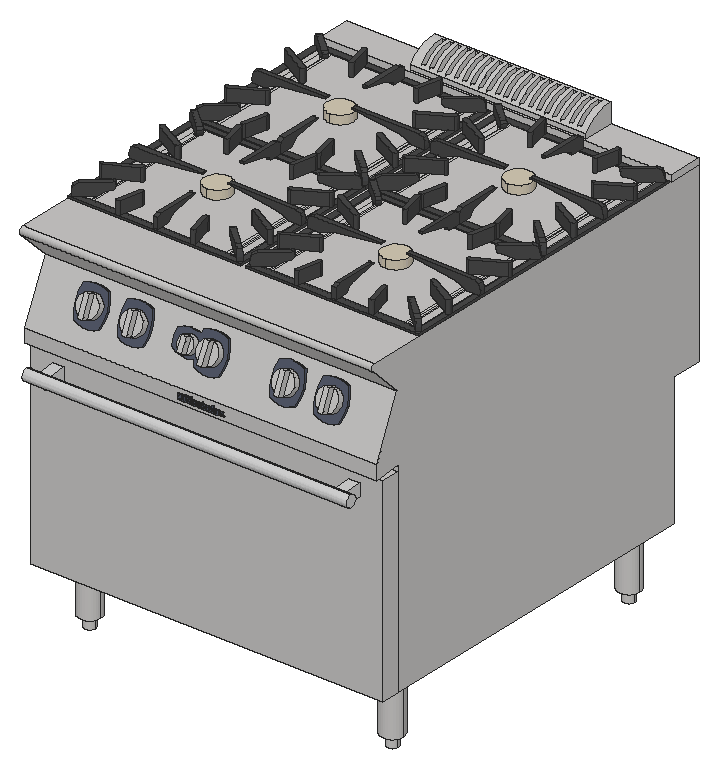
Revit family "QF_ELECTROLUXPROFESSIONAL_391576_E9AAMTBBMEI", category Attrezzature speciali, Revit 2018
Family settings
  Quota connettore circolare = Usa diametro
  Tipo di parte = Normale
  Basato su piano di lavoro = No
  Sempre verticale = Sì
  Taglio con vuoti quando caricato = No
  Condiviso = No
  Punto di calcolo locali = No
Parameters (values of type "Standard")
  Weight = 115.00 kg
  Watts = 0 W
  Volts = 0 V
  URL Manufacturer = "https://www.electroluxprofessional.com/"
  URL = "https://www.electroluxprofessional.com/"
  Steam Supply Size = 0"
  Steam Supply Minimum Pressure = 0.00 psi
  Steam Supply Maximum Pressure = 0.00 psi
  Steam Consumption per Hour = 0
  Show Logo [instance] = yes
  Show Clearance [instance] = yes
  Refrigeration Suction Line Size = 0 mm
  Refrigeration Liquid Line Size = 0 mm
  Refrigerant Compressor Remote = yes
  Phase = 0
  Modello = "E9AAMTBBMEI"
  Produttore = "Electrolux Professional"
  Length Actual = 800 mm  # constant formula
  Item Number = "391576"
  Hot Water Size = 0"
  Height Actual = 850 mm  # constant formula
  HP = "0 HP"
  Gas Size = 1/2"
  Gas KW = 36.5
  Gas Input Pressure = 1.13485 Btu/h
  Direct Waste Size = 0"
  Descrizione = "4-BURNER GAS RANGE+OVEN 800MM - QMARK"
  Depth Actual = 930 mm  # constant formula
  Cycle = 0 Hz
  Condensate Return Size = 0"
  Compressed Air Volume = 0 GPM
  Compressed Air Size = 0"
  Compressed Air Pressure = 0.00 psi
  Cold Water Size = 0"
  Accessory = yes
Values of the unnamed type that differ from the named types
  Weight = 0.00 kg
  URL Manufacturer = ""
  Item Number = ""
  HP = ""
  Gas KW = 0
  Gas Input Pressure = 0.0 Btu/h
Reference planes
  plane 1 "BACK": y = 0
  plane 2: z = 0
  plane 3 "LEFT": x = 0
  plane 4 "RIGHT": x = 800.1
  plane 5 "FRONT": y = -930.275
  plane 6 "TOP": z = 908.05
  plane 7 "Center Y": x = 400.05
  plane 8 "Center X": y = -465.137
  plane 9: z = 149.225
  plane 10: z = 1397
  plane 11: y = -80.962
  plane 12: z = 850
  plane 13: y = -128
  plane 14: y = -801.687
  plane 15: y = -576
  plane 16: y = -665
  plane 17: y = -1309
  plane 18: x = 744.1
  plane 19: x = 56
Forms (mm)
  Extrusion 1, solid, material "QF_Finishes_Stainless Steel"
    sketch origin (0, 0, 0) x (0, 1, 0) y (0, 0, 1)
      loop
        line (0, 449.262) -> (0, 850) -> (-922.302, 850)
        arc (-922.302, 850) -> (-930.275, 844.673) -> (-928.404, 835.268) r 8.63
        line (-928.404, 835.268) -> (-859.069, 765.933) -> (-916.765, 640.576) -> (-916.765, 609.279) -> (-856.641, 613.975)
        arc (-856.641, 613.975) -> (-854.117, 613.227) -> (-853.025, 610.831) r 3.175
        line (-853.025, 610.831) -> (-853.025, 149.225) -> (-71.438, 149.225) -> (-71.437, 449.263) -> (0, 449.262)
    from 0 to 800.1
  Revolve 2, solid, material "QF_Finishes_Stainless Steel"
    sketch origin (0, -801.687, 611.731) x (0, 0, -1) y (1, 0, 0)
      loop
        line (462.506, 55.562) -> (462.506, 30.162) -> (586.331, 30.162) -> (586.331, 42.862) -> (611.731, 42.862) -> (611.731, 55.562) -> (462.506, 55.562)
      axis (611.731, 55.562) -> (462.506, 55.562)
    angle from 0 to 360
  Revolve 3, solid, material "QF_Finishes_Stainless Steel"
    sketch origin (800.1, -801.687, 611.731) x (0, 0, -1) y (1, 0, 0)
      loop
        line (462.506, -55.562) -> (611.731, -55.562) -> (611.731, -42.862) -> (586.331, -42.862) -> (586.331, -30.162) -> (462.506, -30.162) -> (462.506, -55.562)
      axis (611.731, -55.562) -> (462.506, -55.562)
    angle from 0 to 360
  Revolve 4, solid, material "QF_Finishes_Stainless Steel"
    sketch origin (800.1, -128.588, 611.731) x (0, 0, -1) y (1, 0, 0)
      loop
        line (462.506, -55.562) -> (611.731, -55.562) -> (611.731, -42.862) -> (586.331, -42.862) -> (586.331, -30.162) -> (462.506, -30.162) -> (462.506, -55.562)
      axis (611.731, -55.562) -> (462.506, -55.562)
    angle from 0 to 360
  Revolve 5, solid, material "QF_Finishes_Stainless Steel"
    sketch origin (111.125, -128.588, 611.731) x (0, 0, -1) y (1, 0, 0)
      loop
        line (462.506, -55.562) -> (611.731, -55.562) -> (611.731, -42.862) -> (586.331, -42.862) -> (586.331, -30.162) -> (462.506, -30.162) -> (462.506, -55.562)
      axis (611.731, -55.562) -> (462.506, -55.562)
    angle from 0 to 360
  Extrusion 6, solid, material "QF_Finishes_Stainless Steel"
    sketch origin (0, 0, 0) x (0, 1, 0) y (0, 0, 1)
      loop
        line (0, 850) -> (0, 864.288) -> (-76.2, 864.288) -> (-76.2, 850) -> (0, 850)
    from 0 to 800.1
  Extrusion 7, void
    sketch origin (-65.011, 0, 865.138) x (-1, 0, 0) y (0, -1, 0)
      loop
        line (-295.005, 6.761) -> (-285.709, 6.761) -> (-285.709, 63.911) -> (-295.005, 63.911) -> (-295.005, 6.761)
      loop
        line (-313.697, 6.761) -> (-304.401, 6.761) -> (-304.401, 63.911) -> (-313.697, 63.911) -> (-313.697, 6.761)
      loop
        line (-332.39, 6.761) -> (-323.094, 6.761) -> (-323.094, 63.911) -> (-332.39, 63.911) -> (-332.39, 6.761)
      loop
        line (-351.082, 6.761) -> (-341.787, 6.761) -> (-341.787, 63.911) -> (-351.082, 63.911) -> (-351.082, 6.761)
      loop
        line (-369.775, 6.761) -> (-360.479, 6.761) -> (-360.479, 63.911) -> (-369.775, 63.911) -> (-369.775, 6.761)
      loop
        line (-388.468, 6.761) -> (-379.172, 6.761) -> (-379.172, 63.911) -> (-388.468, 63.911) -> (-388.468, 6.761)
      loop
        line (-407.16, 6.761) -> (-397.864, 6.761) -> (-397.864, 63.911) -> (-407.16, 63.911) -> (-407.16, 6.761)
      loop
        line (-425.853, 6.761) -> (-416.557, 6.761) -> (-416.557, 63.911) -> (-425.853, 63.911) -> (-425.853, 6.761)
      loop
        line (-444.545, 6.761) -> (-435.25, 6.761) -> (-435.25, 63.911) -> (-444.545, 63.911) -> (-444.545, 6.761)
      loop
        line (-463.238, 6.761) -> (-453.942, 6.761) -> (-453.942, 63.911) -> (-463.238, 63.911) -> (-463.238, 6.761)
      loop
        line (-481.931, 6.761) -> (-472.635, 6.761) -> (-472.635, 63.911) -> (-481.931, 63.911) -> (-481.931, 6.761)
      loop
        line (-500.623, 6.761) -> (-491.328, 6.761) -> (-491.328, 63.911) -> (-500.623, 63.911) -> (-500.623, 6.761)
      loop
        line (-519.316, 6.761) -> (-510.02, 6.761) -> (-510.02, 63.911) -> (-519.316, 63.911) -> (-519.316, 6.761)
      loop
        line (-538.008, 6.761) -> (-528.713, 6.761) -> (-528.713, 63.911) -> (-538.008, 63.911) -> (-538.008, 6.761)
      loop
        line (-556.701, 6.761) -> (-547.405, 6.761) -> (-547.405, 63.911) -> (-556.701, 63.911) -> (-556.701, 6.761)
      loop
        line (-575.394, 6.761) -> (-566.098, 6.761) -> (-566.098, 63.911) -> (-575.394, 63.911) -> (-575.394, 6.761)
      loop
        line (-594.086, 6.761) -> (-584.791, 6.761) -> (-584.791, 63.911) -> (-594.086, 63.911) -> (-594.086, 6.761)
      loop
        line (-612.779, 6.761) -> (-603.483, 6.761) -> (-603.483, 63.911) -> (-612.779, 63.911) -> (-612.779, 6.761)
      loop
        line (-631.472, 6.761) -> (-622.176, 6.761) -> (-622.176, 63.911) -> (-631.472, 63.911) -> (-631.472, 6.761)
      loop
        line (-650.164, 6.761) -> (-640.868, 6.761) -> (-640.868, 63.911) -> (-650.164, 63.911) -> (-650.164, 6.761)
    from 9.525 to 45.348
  Extrusion 8, solid, material "QF_Finishes_Stainless Steel"
    sketch origin (400.05, 175.397, 1219.2) x (0, 1, 0) y (0, 0, 1)
      loop
        line (-175.397, -354.912) -> (-175.397, -311.2)
        arc (-175.397, -311.2) -> (-214.469, -319.821) -> (-245.247, -345.387) r 84.854
        line (-245.247, -345.387) -> (-245.247, -354.912) -> (-175.397, -354.912)
    from -200.05 to 199.95
  Extrusion 9, solid, material "QF_Finishes_Navy Blue"
    sketch origin (0, -890.928, 697.612) x (0, -0.418102, -0.9084) y (1, 0, 0)
      loop
        arc (-53.776, 198.214) -> (-18.194, 190.589) -> (17.514, 197.596) r 90.5
        arc (17.514, 197.596) -> (24.34, 226.784) -> (17.514, 255.972) r 65.817
        arc (17.514, 255.972) -> (-18.193, 262.932) -> (-53.776, 255.359) r 91.066
        arc (-53.776, 255.359) -> (-60.332, 226.786) -> (-53.776, 198.214) r 65.546
      loop
        arc (-53.776, 98.214) -> (-18.194, 90.589) -> (17.514, 97.596) r 90.5
        arc (17.514, 97.596) -> (24.34, 126.784) -> (17.514, 155.972) r 65.817
        arc (17.514, 155.972) -> (-18.193, 162.932) -> (-53.776, 155.359) r 91.066
        arc (-53.776, 155.359) -> (-60.332, 126.786) -> (-53.776, 98.214) r 65.546
      loop
        arc (-53.776, 601.786) -> (-60.332, 573.214) -> (-53.776, 544.641) r 65.546
        arc (-53.776, 544.641) -> (-18.193, 537.068) -> (17.514, 544.028) r 91.066
        arc (17.514, 544.028) -> (24.34, 573.216) -> (17.514, 602.404) r 65.817
        arc (17.514, 602.404) -> (-18.194, 609.411) -> (-53.776, 601.786) r 90.5
      loop
        arc (-53.776, 701.786) -> (-60.332, 673.214) -> (-53.776, 644.641) r 65.546
        arc (-53.776, 644.641) -> (-18.193, 637.068) -> (17.514, 644.028) r 91.066
        arc (17.514, 644.028) -> (24.34, 673.216) -> (17.514, 702.404) r 65.817
        arc (17.514, 702.404) -> (-18.194, 709.411) -> (-53.776, 701.786) r 90.5
      loop
        arc (-40.159, 316.707) -> (-21.848, 313.911) -> (-3.351, 314.901) r 90.5
        arc (-3.351, 314.901) -> (6.915, 339.94) -> (6.238, 366.994) r 65.817
        arc (6.238, 366.994) -> (11.94, 368.741) -> (17.514, 370.86) r 90.5
        arc (17.514, 370.86) -> (24.34, 400.048) -> (17.514, 429.235) r 65.817
        arc (17.514, 429.235) -> (-18.193, 436.195) -> (-53.776, 428.623) r 91.066
        arc (-53.776, 428.623) -> (-60.332, 400.05) -> (-53.776, 371.477) r 65.546
        arc (-53.776, 371.477) -> (-49.379, 369.684) -> (-44.894, 368.124) r 90.5
        arc (-44.894, 368.124) -> (-47.802, 341.929) -> (-40.159, 316.707) r 65.546
    from 0 to 3.175
  Extrusion 10, solid, material "QF_Finishes_Stainless Steel"
    sketch origin (0, -893.812, 698.94) x (0, -0.418102, -0.9084) y (1, 0, 0)
      loop
        circle (-18.131, 227.457) r 25.4
      loop
        circle (-18.131, 127.457) r 25.4
      loop
        circle (-18.131, 572.543) r 25.4
      loop
        circle (-18.131, 672.543) r 25.4
      loop
        circle (-18.131, 349.957) r 19.05
      loop
        circle (-18.131, 400.05) r 25.4
    from 0 to 12.7
  Extrusion 11, solid, material "QF_Finishes_Stainless Steel"
    sketch origin (0, -905.349, 704.25) x (0, -0.418102, -0.9084) y (1, 0, 0)
      loop
        arc (-42.863, 233.243) -> (-43.531, 227.457) -> (-42.863, 221.671) r 25.4
        line (-42.863, 221.671) -> (6.601, 221.671)
        arc (6.601, 221.671) -> (7.269, 227.457) -> (6.601, 233.243) r 25.4
        line (6.601, 233.243) -> (-42.863, 233.243)
      loop
        arc (-42.863, 133.243) -> (-43.531, 127.457) -> (-42.863, 121.671) r 25.4
        line (-42.863, 121.671) -> (6.601, 121.671)
        arc (6.601, 121.671) -> (7.269, 127.457) -> (6.601, 133.243) r 25.4
        line (6.601, 133.243) -> (-42.863, 133.243)
      loop
        arc (-34.426, 356.459) -> (-35.24, 350.69) -> (-34.719, 344.887) r 25.4
        line (-34.719, 344.887) -> (-2.956, 344.887)
        arc (-2.956, 344.887) -> (-2.067, 350.647) -> (-2.515, 356.459) r 25.4
        line (-2.515, 356.459) -> (-34.426, 356.459)
      loop
        arc (-42.863, 579.675) -> (-43.531, 573.889) -> (-42.863, 568.102) r 25.4
        line (-42.863, 568.102) -> (6.601, 568.102)
        arc (6.601, 568.102) -> (7.269, 573.889) -> (6.601, 579.675) r 25.4
        line (6.601, 579.675) -> (-42.863, 579.675)
      loop
        arc (-42.863, 679.675) -> (-43.531, 673.889) -> (-42.863, 668.102) r 25.4
        line (-42.863, 668.102) -> (6.601, 668.102)
        arc (6.601, 668.102) -> (7.269, 673.889) -> (6.601, 679.675) r 25.4
        line (6.601, 679.675) -> (-42.863, 679.675)
      loop
        arc (-42.863, 405.836) -> (-43.531, 400.05) -> (-42.863, 394.264) r 25.4
        line (-42.863, 394.264) -> (6.601, 394.264)
        arc (6.601, 394.264) -> (7.269, 400.05) -> (6.601, 405.836) r 25.4
        line (6.601, 405.836) -> (-42.863, 405.836)
    from 0 to 12.7
  Extrusion 12, solid, material "QF_Finishes_Navy Blue", visible <- "Show Logo"
    sketch origin (0, -916.765, 609.279) x (0, 0, 1) y (-1, 0, 0)
      loop
        line (21.268, -357.807) -> (8.901, -357.807)
        arc (8.901, -357.807) -> (15.085, -362.379) -> (21.268, -357.807) r 6.467
      loop
        arc (21.268, -357.178) -> (20.099, -352.035) -> (15.443, -349.557) r 6.338
        line (15.443, -349.557) -> (15.443, -351.603)
        arc (15.443, -351.603) -> (16.927, -355.258) -> (20.372, -357.178) r 5.941
        line (20.372, -357.178) -> (21.268, -357.178)
      loop
        arc (9.797, -357.178) -> (13.242, -355.258) -> (14.726, -351.603) r 5.941
        line (14.726, -351.603) -> (14.726, -349.557)
        arc (14.726, -349.557) -> (10.032, -352.031) -> (8.742, -357.178) r 6.504
        line (8.742, -357.178) -> (9.797, -357.178)
      loop
        line (21.943, -349.088) -> (8.198, -349.088) -> (8.198, -362.851) -> (21.943, -362.851) -> (21.943, -349.088)
      loop
        arc (22.026, -365.819) -> (21.679, -365.461) -> (21.312, -365.799) r 0.358
        arc (21.312, -365.799) -> (20.997, -366.549) -> (20.281, -366.934) r 1.216
        line (20.281, -366.934) -> (9.868, -366.934)
        arc (9.868, -366.934) -> (9.208, -366.657) -> (8.812, -366.06) r 1.238
        arc (8.812, -366.06) -> (8.417, -365.809) -> (8.112, -366.163) r 0.358
        line (8.112, -366.163) -> (8.112, -376.042) -> (10.863, -376.042) -> (10.863, -375.145)
        arc (10.863, -375.145) -> (9.954, -374.565) -> (9.498, -373.588) r 1.928
        line (9.498, -373.588) -> (9.498, -371.089)
        arc (9.498, -371.089) -> (9.774, -370.36) -> (10.462, -369.996) r 1.101
        line (10.462, -369.996) -> (14.549, -369.996) -> (14.549, -373.67)
        arc (14.549, -373.67) -> (14.196, -374.167) -> (13.631, -374.395) r 1.083
        arc (13.631, -374.395) -> (13.367, -374.7) -> (13.659, -374.978) r 0.292
        line (13.659, -374.978) -> (16.621, -374.978)
        arc (16.621, -374.978) -> (16.924, -374.705) -> (16.686, -374.375) r 0.305
        arc (16.686, -374.375) -> (16.195, -374.127) -> (15.89, -373.67) r 1.083
        line (15.89, -373.67) -> (15.89, -369.996) -> (20.567, -369.996) -> (20.567, -373.744)
        arc (20.567, -373.744) -> (20.353, -374.499) -> (19.747, -374.997) r 1.314
        arc (19.747, -374.997) -> (19.527, -375.401) -> (19.882, -375.694) r 0.361
        line (19.882, -375.694) -> (22.026, -375.694) -> (22.026, -365.819)
      loop
        arc (21.309, -376.474) -> (20.928, -377.393) -> (20.01, -377.773) r 1.299
        line (20.01, -377.773) -> (10.431, -377.773)
        arc (10.431, -377.773) -> (9.593, -377.395) -> (9.321, -376.517) r 1.118
        line (9.321, -376.517) -> (8.112, -376.517) -> (8.112, -381.867) -> (9.3, -381.867)
        arc (9.3, -381.867) -> (9.572, -380.95) -> (10.442, -380.554) r 1.153
        line (10.442, -380.554) -> (22.514, -380.554) -> (21.309, -376.474)
      loop
        line (13.077, -384.503) -> (13.077, -390.951) -> (13.876, -390.951)
        arc (13.876, -390.951) -> (16.456, -389.966) -> (17.725, -387.513) r 3.874
        line (17.725, -387.513) -> (17.725, -385.752)
        arc (17.725, -385.752) -> (16.538, -382.887) -> (13.674, -381.701) r 4.051
        line (13.674, -381.701) -> (11.666, -381.701)
        arc (11.666, -381.701) -> (8.847, -383.186) -> (7.795, -386.193) r 4.352
        arc (7.795, -386.193) -> (8.16, -388.656) -> (9.537, -390.73) r 5.713
        line (9.537, -390.73) -> (10.486, -390.73)
        arc (10.486, -390.73) -> (9.754, -389.161) -> (9.537, -387.443) r 5.579
        arc (9.537, -387.443) -> (10.331, -385.48) -> (12.21, -384.503) r 3.057
        line (12.21, -384.503) -> (13.077, -384.503)
      loop
        line (14.336, -384.503) -> (14.336, -388.085)
        arc (14.336, -388.085) -> (15.793, -388.133) -> (16.676, -386.973) r 1.59
        line (16.676, -386.973) -> (16.676, -386.143)
        arc (16.676, -386.143) -> (15.811, -384.888) -> (14.336, -384.503) r 2.184
      loop
        arc (17.127, -400.368) -> (17.616, -398.694) -> (17.773, -396.957) r 9.023
        line (17.773, -396.957) -> (17.773, -395.595)
        arc (17.773, -395.595) -> (16.614, -392.795) -> (13.814, -391.636) r 3.959
        line (13.814, -391.636) -> (11.214, -391.636)
        arc (11.214, -391.636) -> (8.932, -392.928) -> (7.815, -395.301) r 4.331
        line (7.815, -395.301) -> (7.815, -397.436)
        arc (7.815, -397.436) -> (8.323, -398.986) -> (9.245, -400.332) r 5.772
        arc (9.245, -400.332) -> (10.006, -400.383) -> (10.093, -399.624) r 0.553
        arc (10.093, -399.624) -> (9.705, -398.89) -> (9.571, -398.071) r 2.573
        line (9.571, -398.071) -> (9.571, -396.556)
        arc (9.571, -396.556) -> (10.577, -394.915) -> (12.392, -394.272) r 2.884
        line (12.392, -394.272) -> (13.67, -394.272)
        arc (13.67, -394.272) -> (15.492, -394.832) -> (16.418, -396.497) r 2.554
        line (16.418, -396.497) -> (16.418, -397.55)
        arc (16.418, -397.55) -> (16.087, -398.478) -> (15.43, -399.213) r 2.564
        arc (15.43, -399.213) -> (15.208, -399.93) -> (15.817, -400.368) r 0.643
        line (15.817, -400.368) -> (17.127, -400.368)
      loop
        line (16.109, -400.638) -> (16.109, -402.139) -> (10.061, -402.139)
        arc (10.061, -402.139) -> (8.473, -402.797) -> (7.815, -404.385) r 2.246
        line (7.815, -404.385) -> (7.815, -405.969)
        arc (7.815, -405.969) -> (8.129, -406.834) -> (8.629, -407.605) r 4.06
        arc (8.629, -407.605) -> (9.362, -407.738) -> (9.613, -407.037) r 0.576
        arc (9.613, -407.037) -> (9.507, -406.512) -> (9.571, -405.979) r 1.69
        arc (9.571, -405.979) -> (10.113, -405.191) -> (11.019, -404.888) r 1.506
        line (11.019, -404.888) -> (16.157, -404.888) -> (16.157, -407.285) -> (16.713, -407.842) -> (17.535, -407.842) -> (17.535, -404.982) -> (20.766, -404.982) -> (16.109, -400.638)
      loop
        line (8.032, -408.739) -> (8.032, -414.126) -> (9.142, -414.126)
        arc (9.142, -414.126) -> (9.536, -413.175) -> (10.487, -412.781) r 1.345
        line (10.487, -412.781) -> (14.103, -412.781)
        arc (14.103, -412.781) -> (14.868, -413.373) -> (15.157, -414.295) r 1.615
        line (15.157, -414.295) -> (15.157, -415.851) -> (17.713, -416.536) -> (17.713, -415.153) -> (15.771, -412.594) -> (17.651, -412.594) -> (17.367, -409.888)
        arc (17.367, -409.888) -> (16.927, -409.358) -> (16.268, -409.559) r 0.621
        arc (16.268, -409.559) -> (15.868, -409.901) -> (15.374, -410.084) r 1.501
        line (15.374, -410.084) -> (10.487, -410.084)
        arc (10.487, -410.084) -> (9.536, -409.69) -> (9.142, -408.739) r 1.345
        line (9.142, -408.739) -> (8.032, -408.739)
      loop
        line (14.134, -416.073) -> (11.442, -416.073)
        arc (11.442, -416.073) -> (8.996, -417.381) -> (7.863, -419.912) r 4.288
        arc (7.863, -419.912) -> (7.799, -421.292) -> (7.863, -422.672) r 15.022
        arc (7.863, -422.672) -> (8.996, -425.203) -> (11.442, -426.51) r 4.288
        line (11.442, -426.51) -> (14.134, -426.51)
        arc (14.134, -426.51) -> (16.579, -425.203) -> (17.713, -422.672) r 4.288
        arc (17.713, -422.672) -> (17.777, -421.292) -> (17.713, -419.912) r 15.022
        arc (17.713, -419.912) -> (16.579, -417.381) -> (14.134, -416.073) r 4.288
      loop
        line (14.339, -419.187) -> (11.237, -419.187)
        arc (11.237, -419.187) -> (9.08, -421.344) -> (11.237, -423.501) r 2.157
        line (11.237, -423.501) -> (14.339, -423.501)
        arc (14.339, -423.501) -> (16.496, -421.344) -> (14.339, -419.187) r 2.157
      loop
        arc (21.32, -426.369) -> (20.949, -427.263) -> (20.055, -427.633) r 1.264
        line (20.055, -427.633) -> (10.191, -427.633)
        arc (10.191, -427.633) -> (9.321, -427.236) -> (9.049, -426.32) r 1.153
        line (9.049, -426.32) -> (8.112, -426.32) -> (8.112, -431.428) -> (9.04, -431.428)
        arc (9.04, -431.428) -> (9.399, -430.656) -> (10.191, -430.341) r 1.153
        line (10.191, -430.341) -> (22.514, -430.341) -> (21.32, -426.369)
      loop
        arc (16.44, -430.966) -> (16.241, -432.03) -> (15.272, -432.512) r 1.215
        line (15.272, -432.512) -> (10.252, -432.512)
        arc (10.252, -432.512) -> (8.637, -433.16) -> (7.916, -434.743) r 2.338
        line (7.916, -434.743) -> (7.916, -436.257)
        arc (7.916, -436.257) -> (8.091, -437.261) -> (8.593, -438.147) r 2.979
        line (8.593, -438.147) -> (8.112, -439.944) -> (8.112, -441.633) -> (17.537, -441.633) -> (17.243, -437.429) -> (16.457, -437.429)
        arc (16.457, -437.429) -> (16.101, -438.265) -> (15.349, -438.774) r 1.605
        line (15.349, -438.774) -> (10.246, -438.774)
        arc (10.246, -438.774) -> (9.826, -437.837) -> (9.753, -436.813) r 2.94
        arc (9.753, -436.813) -> (10.314, -435.712) -> (11.467, -435.269) r 1.724
        line (11.467, -435.269) -> (17.664, -435.269) -> (16.44, -430.966)
      loop
        line (17.468, -442.486) -> (15.796, -444.532) -> (12.622, -446.838) -> (9.166, -443.726)
        arc (9.166, -443.726) -> (8.928, -443.332) -> (8.951, -442.873) r 0.789
        line (8.951, -442.873) -> (8.112, -442.873) -> (8.112, -446.418) -> (8.938, -446.418)
        arc (8.938, -446.418) -> (9.28, -446.056) -> (9.77, -446.148) r 0.52
        line (9.77, -446.148) -> (11.57, -447.619) -> (9.452, -448.995)
        arc (9.452, -448.995) -> (9.051, -448.685) -> (8.964, -448.185) r 0.7
        line (8.964, -448.185) -> (8.112, -448.185) -> (8.112, -454.112) -> (8.998, -454.112)
        arc (8.998, -454.112) -> (9.065, -453.453) -> (9.46, -452.922) r 1.247
        line (9.46, -452.922) -> (13.66, -449.641) -> (16.107, -451.694) -> (17.468, -453.436) -> (17.468, -449.713) -> (15.983, -450.135) -> (14.462, -448.858) -> (16.162, -447.668) -> (17.468, -448.445) -> (17.468, -442.486)
    from 0 to 1.644
  Extrusion 13, solid, material "QF_Finishes_Stainless Steel"
    sketch origin (0, -853.025, 610.831) x (0, 0, -1) y (1, 0, 0)
      loop
        line (460.831, 0) -> (460.831, 800) -> (9.61, 800) -> (9.61, 0) -> (460.831, 0)
    from 3.175 to 46.663
  Extrusion 14, solid, material "QF_Finishes_Handrails and Railings"
    sketch origin (50.8, -1053.827, 150) x (0, 0, 1) y (0, 1, 0)
      loop
        circle (420.409, 103.146) r 12.7
    from 19.875 to -718.375
  Extrusion 15, solid, material "QF_Finishes_Handrails and Railings"
    sketch origin (800, -1053.827, 150) x (0, 0, 1) y (0, -1, 0)
      loop
        line (429.101, -153.025) -> (426.396, -114.347)
        arc (426.396, -114.347) -> (412.589, -113.153) -> (408.093, -100.044) r 12.7
        arc (408.093, -100.044) -> (407.276, -100.585) -> (406.501, -101.183) r 13.441
        arc (406.501, -101.183) -> (405.055, -102.989) -> (404.435, -105.216) r 5.77
        line (404.435, -105.216) -> (401.092, -153.025) -> (429.101, -153.025)
    from -50.7 to -76.1
  Extrusion 16, solid, material "QF_Finishes_Handrails and Railings"
    sketch origin (0.1, -1053.827, 150) x (0, 0, 1) y (0, 1, 0)
      loop
        line (429.101, 153.025) -> (401.092, 153.025) -> (404.435, 105.216)
        arc (404.435, 105.216) -> (405.055, 102.989) -> (406.501, 101.183) r 5.77
        arc (406.501, 101.183) -> (407.276, 100.585) -> (408.093, 100.044) r 13.441
        arc (408.093, 100.044) -> (412.589, 113.153) -> (426.396, 114.347) r 12.7
        line (426.396, 114.347) -> (429.101, 153.025)
    from -50.7 to -76.1
  Extrusion 17, solid, material "QF_Door-Drawer Clearances", visible <- "Show Clearance", detail levels coarse
    sketch origin (800, -853.025, 150) x (0, 0, 1) y (0, -1, 0)
      loop
        line (0, 455.843) -> (0, 46.663) -> (451.222, 46.663)
        arc (451.222, 46.663) -> (302.118, 335.621) -> (0, 455.843) r 464.165
    from 0 to -800
  Extrusion 18, solid, material "QF_Finishes_Stainless Steel"
    sketch origin (0, -853.025, 149.225) x (1, 0, 0) y (0, -1, 0)
      loop
        circle (749.3, -187.862) r 6.4
      loop
        circle (757.1, -277.025) r 6.4
    from 0 to 20.638
  Extrusion 19, solid, material "QF_Clearances", visible <- "Show Clearance", detail levels coarse
    sketch origin (0, 0, 0) x (1, 0, 0) y (0, 1, 0)
      loop
        line (-100.013, -930.275) -> (0, -930.275) -> (0, 0) -> (800.1, 0) -> (800.1, -930.275) -> (900.113, -930.275) -> (900.113, 100.013) -> (-100.013, 100.013) -> (-100.013, -930.275)
    from 0 to 908.05
Cuts and joins
  Extrusion 7 cuts Extrusion 8
Lines and regions (mm)
  symbolic lines, style "QF_Clearances", visible <- "Show Clearance", detail levels coarse
    curve 1: line (-100.013, -930.275, 0) -> (-100.012, 100.013, 0)
    curve 2: line (-100.013, 100.013, 0) -> (900.113, 100.013, 0)
    curve 3: line (900.113, 100.013, 0) -> (900.113, -929.879, 0)
  symbolic lines
    curve 4: line (0, 0, 0) -> (800.1, 0, 0)
    curve 5: line (800.1, 0, 0) -> (800.1, -930.275, 0)
    curve 6: line (0, -930.275, 0) -> (0, 0, 0)
    curve 7: line (0, -76.2, 0) -> (800.1, -76.2, 0)
    curve 8: line (0, -930.275, 0) -> (800.1, -930.275, 0)
    curve 12: line (769.175, -963.381, 0) -> (30.925, -963.381, 0)
    curve 13: line (30.925, -963.381, 0) -> (30.925, -937.981, 0)
    curve 14: line (769.175, -963.381, 0) -> (769.175, -937.981, 0)
    curve 15: line (769.175, -937.981, 0) -> (749.3, -937.981, 0)
    curve 16: line (749.3, -953.783, 0) -> (749.3, -930.275, 0)
    curve 17: line (723.9, -953.783, 0) -> (723.9, -930.275, 0)
    curve 18: line (723.9, -937.981, 0) -> (76.2, -937.981, 0)
    curve 19: line (30.925, -937.981, 0) -> (50.8, -937.981, 0)
    curve 20: line (50.8, -930.275, 0) -> (50.8, -953.783, 0)
    curve 21: line (50.8, -953.783, 0) -> (76.2, -953.783, 0)
    curve 22: line (76.2, -953.783, 0) -> (76.2, -930.275, 0)
    curve 23: line (749.3, -953.783, 0) -> (723.9, -953.783, 0)
    curve 24: line (200, -69.85, 0) -> (200, 0, 0)
    curve 25: line (200, -69.85, 0) -> (600, -69.85, 0)
    curve 26: line (600, -69.85, 0) -> (600, 0, 0)
    curve 27: line (585.153, -6.761, 0) -> (585.153, -63.911, 0)
    curve 28: line (585.153, -63.911, 0) -> (575.857, -63.911, 0)
    curve 29: line (575.857, -63.911, 0) -> (575.857, -6.761, 0)
    curve 30: line (575.857, -6.761, 0) -> (585.153, -6.761, 0)
    curve 31: line (566.461, -6.761, 0) -> (566.461, -63.911, 0)
    curve 32: line (566.461, -63.911, 0) -> (557.165, -63.911, 0)
    curve 33: line (557.165, -63.911, 0) -> (557.165, -6.761, 0)
    curve 34: line (557.165, -6.761, 0) -> (566.461, -6.761, 0)
    curve 35: line (547.768, -6.761, 0) -> (547.768, -63.911, 0)
    curve 36: line (547.768, -63.911, 0) -> (538.472, -63.911, 0)
    curve 37: line (538.472, -63.911, 0) -> (538.472, -6.761, 0)
    curve 38: line (538.472, -6.761, 0) -> (547.768, -6.761, 0)
    curve 39: line (529.075, -6.761, 0) -> (529.075, -63.911, 0)
    curve 40: line (529.075, -63.911, 0) -> (519.78, -63.911, 0)
    curve 41: line (519.78, -63.911, 0) -> (519.78, -6.761, 0)
    curve 42: line (519.78, -6.761, 0) -> (529.075, -6.761, 0)
    curve 43: line (510.383, -6.761, 0) -> (510.383, -63.911, 0)
    curve 44: line (510.383, -63.911, 0) -> (501.087, -63.911, 0)
    curve 45: line (501.087, -63.911, 0) -> (501.087, -6.761, 0)
    curve 46: line (501.087, -6.761, 0) -> (510.383, -6.761, 0)
    curve 47: line (491.69, -6.761, 0) -> (491.69, -63.911, 0)
    curve 48: line (491.69, -63.911, 0) -> (482.394, -63.911, 0)
    curve 49: line (482.394, -63.911, 0) -> (482.394, -6.761, 0)
    curve 50: line (482.394, -6.761, 0) -> (491.69, -6.761, 0)
    curve 51: line (472.998, -6.761, 0) -> (472.998, -63.911, 0)
    curve 52: line (472.998, -63.911, 0) -> (463.702, -63.911, 0)
    curve 53: line (463.702, -63.911, 0) -> (463.702, -6.761, 0)
    curve 54: line (463.702, -6.761, 0) -> (472.998, -6.761, 0)
    curve 55: line (454.305, -6.761, 0) -> (454.305, -63.911, 0)
    curve 56: line (454.305, -63.911, 0) -> (445.009, -63.911, 0)
    curve 57: line (445.009, -63.911, 0) -> (445.009, -6.761, 0)
    curve 58: line (445.009, -6.761, 0) -> (454.305, -6.761, 0)
    curve 59: line (435.612, -6.761, 0) -> (435.612, -63.911, 0)
    curve 60: line (435.612, -63.911, 0) -> (426.317, -63.911, 0)
    curve 61: line (426.317, -63.911, 0) -> (426.317, -6.761, 0)
    curve 62: line (426.317, -6.761, 0) -> (435.612, -6.761, 0)
    curve 63: line (416.92, -6.761, 0) -> (416.92, -63.911, 0)
    curve 64: line (416.92, -63.911, 0) -> (407.624, -63.911, 0)
    curve 65: line (407.624, -63.911, 0) -> (407.624, -6.761, 0)
    curve 66: line (407.624, -6.761, 0) -> (416.92, -6.761, 0)
    curve 67: line (398.227, -6.761, 0) -> (398.227, -63.911, 0)
    curve 68: line (398.227, -63.911, 0) -> (388.931, -63.911, 0)
    curve 69: line (388.931, -63.911, 0) -> (388.931, -6.761, 0)
    curve 70: line (388.931, -6.761, 0) -> (398.227, -6.761, 0)
    curve 71: line (379.534, -6.761, 0) -> (379.534, -63.911, 0)
    curve 72: line (379.534, -63.911, 0) -> (370.239, -63.911, 0)
    curve 73: line (370.239, -63.911, 0) -> (370.239, -6.761, 0)
    curve 74: line (370.239, -6.761, 0) -> (379.534, -6.761, 0)
    curve 75: line (360.842, -6.761, 0) -> (360.842, -63.911, 0)
    curve 76: line (360.842, -63.911, 0) -> (351.546, -63.911, 0)
    curve 77: line (351.546, -63.911, 0) -> (351.546, -6.761, 0)
    curve 78: line (351.546, -6.761, 0) -> (360.842, -6.761, 0)
    curve 79: line (342.149, -6.761, 0) -> (342.149, -63.911, 0)
    curve 80: line (342.149, -63.911, 0) -> (332.854, -63.911, 0)
    curve 81: line (332.854, -63.911, 0) -> (332.854, -6.761, 0)
    curve 82: line (332.854, -6.761, 0) -> (342.149, -6.761, 0)
    curve 83: line (323.457, -6.761, 0) -> (323.457, -63.911, 0)
    curve 84: line (323.457, -63.911, 0) -> (314.161, -63.911, 0)
    curve 85: line (314.161, -63.911, 0) -> (314.161, -6.761, 0)
    curve 86: line (314.161, -6.761, 0) -> (323.457, -6.761, 0)
    curve 87: line (304.764, -6.761, 0) -> (304.764, -63.911, 0)
    curve 88: line (304.764, -63.911, 0) -> (295.468, -63.911, 0)
    curve 89: line (295.468, -63.911, 0) -> (295.468, -6.761, 0)
    curve 90: line (295.468, -6.761, 0) -> (304.764, -6.761, 0)
    curve 91: line (286.071, -6.761, 0) -> (286.071, -63.911, 0)
    curve 92: line (286.071, -63.911, 0) -> (276.776, -63.911, 0)
    curve 93: line (276.776, -63.911, 0) -> (276.776, -6.761, 0)
    curve 94: line (276.776, -6.761, 0) -> (286.071, -6.761, 0)
    curve 95: line (267.379, -6.761, 0) -> (267.379, -63.911, 0)
    curve 96: line (267.379, -63.911, 0) -> (258.083, -63.911, 0)
    curve 97: line (258.083, -63.911, 0) -> (258.083, -6.761, 0)
    curve 98: line (258.083, -6.761, 0) -> (267.379, -6.761, 0)
    curve 99: line (248.686, -6.761, 0) -> (248.686, -63.911, 0)
    curve 100: line (248.686, -63.911, 0) -> (239.39, -63.911, 0)
    curve 101: line (239.39, -63.911, 0) -> (239.39, -6.761, 0)
    curve 102: line (239.39, -6.761, 0) -> (248.686, -6.761, 0)
    curve 103: line (229.994, -6.761, 0) -> (229.994, -63.911, 0)
    curve 104: line (229.994, -63.911, 0) -> (220.698, -63.911, 0)
    curve 105: line (220.698, -63.911, 0) -> (220.698, -6.761, 0)
    curve 106: line (220.698, -6.761, 0) -> (229.994, -6.761, 0)
  symbolic lines, style "QF_Door-Drawer Clearances"
    curve 9: line (0, -1308.868, 0) -> (800, -1308.868, 0)
    curve 10: line (800, -1308.868, 0) -> (800, -928.868, 0)
    curve 11: line (0, -1308.868, 0) -> (0, -930.275, 0)
Dimensions and locks
  equal spacing: plane 3 "LEFT", plane 7 "Center Y", plane 4 "RIGHT"
  plane 3 "LEFT" to plane 4 "RIGHT" = 800.1 mm
  equal spacing: plane 5 "FRONT", plane 8 "Center X", plane 1 "BACK"
  plane 5 "FRONT" to plane 1 "BACK" = 930.275 mm  (x2)
  plane 6 "TOP" to plane 2 = 908.05 mm
  plane 9 to plane 2 = 149.225 mm  (x2)
  plane 10 to plane 6 "TOP" = 488.95 mm
  plane 10 to plane 2 = 1397 mm
  plane 10 to plane 9 = 1247.775 mm
  plane 6 "TOP" to plane 12 = 58.05 mm
  plane 12 to plane 2 = 850 mm
  plane 13 to plane 1 "BACK" = 128 mm
  plane 14 to plane 13 = 673.688 mm
  Extrusion 1 sketch curve to plane 1 "BACK" = 71.438 mm
  Extrusion 1 sketch curve to plane 9 = 300.038 mm
  Extrusion 18 sketch curve to plane 4 "RIGHT" = 50.8 mm
  Extrusion 18 sketch curve to plane 1 "BACK" = 665.163 mm
  Extrusion 18 to plane 2 = 128.588 mm
  plane 9 to Extrusion 1 = 300.037 mm
  Extrusion 1 to plane 1 "BACK" = 71.438 mm
  Extrusion 18 sketch curve to plane 1 "BACK" = 576 mm
  Extrusion 18 sketch curve to plane 4 "RIGHT" = 43 mm
  plane 16 to plane 1 "BACK" = 665 mm
  plane 15 to plane 1 "BACK" = 576 mm
  plane 17 to plane 1 "BACK" = 1309 mm
  Extrusion 17 to plane 14 = 98 mm
  Extrusion 17 to plane 1 "BACK" = 899.687 mm
  plane 3 "LEFT" to plane 19 to plane 18 to plane 4 "RIGHT" = 56 mm, 688.1 mm, 56 mm
  aligned and locked: level to plane 2
  aligned and locked: Extrusion 1 to plane 4 "RIGHT"
  aligned and locked: plane 14 to Revolve 2
  aligned and locked: Extrusion 6 to plane 4 "RIGHT"
  aligned and locked: Extrusion 17 to Extrusion 13
  aligned and locked: plane 6 "TOP" to Extrusion 19
Automatic sketch dimensions
  Extrusion 1 sketch curve to plane 12 = 0 mm
  Extrusion 1 sketch curve to plane 9 = 0 mm
  Extrusion 1 sketch curve to plane 1 "BACK" = 0 mm
  plane 14 to Extrusion 1 sketch curve = 51.337 mm
  Extrusion 1 sketch curve to Extrusion 1 sketch curve = 3.175 mm
  Extrusion 1 sketch curve to Extrusion 1 sketch curve = 0.442 mm
  Extrusion 1 sketch curve to plane 5 "FRONT" = 1.871 mm
  Extrusion 1 sketch curve to plane 12 = 240.721 mm
  Extrusion 1 sketch curve to Extrusion 1 sketch curve = 1.552 mm
  Extrusion 1 sketch curve to Extrusion 1 sketch curve = 31.298 mm
  Extrusion 1 sketch curve to plane 12 = 84.067 mm
  Extrusion 1 sketch curve to plane 12 = 14.732 mm
  Revolve 2 sketch curve to plane 9 = 0 mm
  Revolve 2 sketch curve to level = 0 mm
  Revolve 2 sketch curve to Revolve 2 sketch curve = 32.525 mm
  Revolve 2 sketch curve to Revolve 2 sketch curve = 50.8 mm
  level to Revolve 2 sketch curve = 25.4 mm
  Revolve 2 sketch curve to Revolve 2 sketch curve = 12.7 mm  (x2)
  Revolve 3 sketch curve to plane 9 = 0 mm
  Revolve 3 sketch curve to level = 0 mm
  Revolve 3 sketch curve to Revolve 3 sketch curve = 32.525 mm
  Revolve 3 sketch curve to Revolve 3 sketch curve = 50.8 mm
  level to Revolve 3 sketch curve = 25.4 mm
  Revolve 3 sketch curve to Revolve 3 sketch curve = 12.7 mm
  Revolve 3 sketch curve to Revolve 3 sketch curve = 25.4 mm
  Revolve 4 sketch curve to plane 9 = 0 mm
  Revolve 4 sketch curve to level = 0 mm
  Revolve 4 sketch curve to Revolve 4 sketch curve = 32.525 mm
  Revolve 4 sketch curve to Revolve 4 sketch curve = 50.8 mm
  level to Revolve 4 sketch curve = 25.4 mm
  Revolve 4 sketch curve to Revolve 4 sketch curve = 12.7 mm
  Revolve 4 sketch curve to Revolve 4 sketch curve = 25.4 mm
  Revolve 5 sketch curve to plane 9 = 0 mm
  Revolve 5 sketch curve to level = 0 mm
  Revolve 5 sketch curve to Revolve 5 sketch curve = 32.525 mm
  Revolve 5 sketch curve to Revolve 5 sketch curve = 50.8 mm
  level to Revolve 5 sketch curve = 25.4 mm
  Extrusion 6 sketch curve to plane 12 = 0 mm
  Extrusion 6 sketch curve to plane 1 "BACK" = 0 mm
  plane 11 to Extrusion 6 sketch curve = 4.763 mm
  plane 12 to Extrusion 6 sketch curve = 14.288 mm
  plane 11 to Extrusion 7 sketch curve = 17.052 mm  (x19)
  Extrusion 7 sketch curve to Extrusion 7 sketch curve = 9.296 mm  (x20)
  Extrusion 7 sketch curve to Extrusion 7 sketch curve = 9.397 mm  (x18)
  plane 7 "Center Y" to Extrusion 7 sketch curve = 7.574 mm
  Extrusion 7 sketch curve to plane 7 "Center Y" = 1.823 mm
  Extrusion 7 sketch curve to Extrusion 7 sketch curve = 0 mm
  plane 1 "BACK" to Extrusion 7 sketch curve = 6.761 mm  (x20)
  Extrusion 8 sketch curve to plane 1 "BACK" = 0 mm
  plane 1 "BACK" to Extrusion 8 sketch curve = 1.769 mm
  plane 11 to Extrusion 8 sketch curve = 11.113 mm
  Extrusion 8 sketch curve to plane 12 = 26.835 mm
  plane 12 to Extrusion 8 sketch curve = 14.288 mm
  Extrusion 8 sketch curve to Extrusion 8 sketch curve = 9.525 mm
  Extrusion 9 sketch curve to Extrusion 9 sketch curve = 0 mm  (x13)
  Extrusion 9 sketch curve to plane 7 "Center Y" = 0 mm
  Extrusion 9 sketch curve to plane 7 "Center Y" = 48.195 mm
  Extrusion 9 sketch curve to Extrusion 9 sketch curve = 4.038 mm  (x2)
  plane 7 "Center Y" to Extrusion 9 sketch curve = 28.573 mm
  Extrusion 9 sketch curve to Extrusion 9 sketch curve = 8.882 mm
  Extrusion 9 sketch curve to Extrusion 9 sketch curve = 12.3 mm  (x14)
  Extrusion 9 sketch curve to plane 7 "Center Y" = 0.002 mm
  Extrusion 9 sketch curve to Extrusion 9 sketch curve = 17.655 mm
  Extrusion 9 sketch curve to Extrusion 9 sketch curve = 36.365 mm  (x6)
  Extrusion 9 sketch curve to Extrusion 9 sketch curve = 22.748 mm
  Extrusion 9 sketch curve to Extrusion 9 sketch curve = 27.483 mm
  plane 7 "Center Y" to Extrusion 9 sketch curve = 4.252 mm
  Extrusion 9 sketch curve to Extrusion 9 sketch curve = 24.066 mm
  Extrusion 9 sketch curve to Extrusion 9 sketch curve = 14.06 mm
  Extrusion 9 sketch curve to Extrusion 9 sketch curve = 46.691 mm  (x4)
  Extrusion 9 sketch curve to Extrusion 9 sketch curve = 22.625 mm
  Extrusion 9 sketch curve to Extrusion 9 sketch curve = 23.649 mm
  Extrusion 9 sketch curve to Extrusion 9 sketch curve = 11.23 mm
  Extrusion 9 sketch curve to Extrusion 9 sketch curve = 11.276 mm
  plane 7 "Center Y" to Extrusion 9 sketch curve = 29.185 mm
  Extrusion 9 sketch curve to Extrusion 9 sketch curve = 25.727 mm  (x2)
  Extrusion 9 sketch curve to Extrusion 9 sketch curve = 28.57 mm  (x2)
  Extrusion 9 sketch curve to Extrusion 9 sketch curve = 9.217 mm  (x2)
  Extrusion 9 sketch curve to Extrusion 9 sketch curve = 16.51 mm  (x2)
  Extrusion 9 sketch curve to Extrusion 9 sketch curve = 17.128 mm
  Extrusion 9 sketch curve to Extrusion 9 sketch curve = 30.232 mm
  Extrusion 9 sketch curve to Extrusion 9 sketch curve = 64.564 mm
  Extrusion 9 sketch curve to Extrusion 9 sketch curve = 25.114 mm
  Extrusion 9 sketch curve to Extrusion 9 sketch curve = 29.185 mm  (x2)
  Extrusion 10 sketch curve to Extrusion 10 sketch curve = 0 mm  (x5)
  Extrusion 10 sketch curve to Extrusion 10 sketch curve = 100 mm  (x2)
  Extrusion 10 sketch curve to Extrusion 10 sketch curve = 122.5 mm
  Extrusion 10 sketch curve to Extrusion 10 sketch curve = 50.093 mm
  Extrusion 10 sketch curve to Extrusion 10 sketch curve = 172.493 mm
  Extrusion 11 sketch curve to Extrusion 11 sketch curve = 0 mm  (x10)
  Extrusion 11 sketch curve to Extrusion 11 sketch curve = 9.318 mm
  Extrusion 11 sketch curve to Extrusion 11 sketch curve = 6.977 mm
  Extrusion 11 sketch curve to Extrusion 11 sketch curve = 7.271 mm
  Extrusion 11 sketch curve to Extrusion 11 sketch curve = 24.732 mm  (x8)
  Extrusion 11 sketch curve to Extrusion 11 sketch curve = 17.6 mm
  Extrusion 11 sketch curve to Extrusion 11 sketch curve = 6.893 mm
  Extrusion 11 sketch curve to Extrusion 11 sketch curve = 7.334 mm
  Extrusion 11 sketch curve to Extrusion 11 sketch curve = 49.377 mm
  Extrusion 11 sketch curve to Extrusion 11 sketch curve = 5.159 mm
  Extrusion 11 sketch curve to Extrusion 11 sketch curve = 162.266 mm
  Extrusion 11 sketch curve to Extrusion 11 sketch curve = 5.786 mm  (x2)
  Extrusion 11 sketch curve to Extrusion 11 sketch curve = 88.428 mm
  Extrusion 12 sketch curve to Extrusion 1 = 2.755 mm
  Extrusion 12 sketch curve to Extrusion 1 = 7.795 mm
  Extrusion 12 sketch curve to Extrusion 1 = 7.815 mm  (x2)
  Extrusion 12 sketch curve to Extrusion 12 sketch curve = 5.108 mm  (x2)
  Extrusion 12 sketch curve to Extrusion 12 sketch curve = 0 mm  (x27)
  Extrusion 12 sketch curve to Extrusion 1 = 7.916 mm
  Extrusion 12 sketch curve to Extrusion 12 sketch curve = 0.218 mm
  Extrusion 12 sketch curve to Extrusion 12 sketch curve = 0.195 mm
  Extrusion 12 sketch curve to Extrusion 12 sketch curve = 0.249 mm
  Extrusion 12 sketch curve to Extrusion 1 = 8.112 mm
  Extrusion 12 sketch curve to Extrusion 12 sketch curve = 0.087 mm
  Extrusion 12 sketch curve to Extrusion 12 sketch curve = 0.358 mm
  Extrusion 12 sketch curve to Extrusion 12 sketch curve = 0.481 mm
  Extrusion 12 sketch curve to Extrusion 12 sketch curve = 0.597 mm
  Extrusion 12 sketch curve to Extrusion 12 sketch curve = 0.544 mm
  Extrusion 12 sketch curve to Extrusion 12 sketch curve = 0.936 mm
  Extrusion 12 sketch curve to Extrusion 12 sketch curve = 0.594 mm
  Extrusion 12 sketch curve to Extrusion 12 sketch curve = 0.343 mm
  Extrusion 12 sketch curve to Extrusion 12 sketch curve = 0.159 mm
  Extrusion 12 sketch curve to Extrusion 12 sketch curve = 0.826 mm
  Extrusion 12 sketch curve to Extrusion 12 sketch curve = 0.839 mm
  Extrusion 12 sketch curve to Extrusion 12 sketch curve = 0.852 mm
  Extrusion 12 sketch curve to Extrusion 12 sketch curve = 0.887 mm
  Extrusion 12 sketch curve to Extrusion 12 sketch curve = 0.928 mm
  Extrusion 12 sketch curve to Extrusion 12 sketch curve = 0.938 mm
  Extrusion 12 sketch curve to Extrusion 12 sketch curve = 0.444 mm
  Extrusion 12 sketch curve to Extrusion 12 sketch curve = 1.11 mm  (x3)
  Extrusion 12 sketch curve to Extrusion 12 sketch curve = 0.215 mm
  Extrusion 12 sketch curve to Extrusion 12 sketch curve = 1.43 mm
  Extrusion 12 sketch curve to Extrusion 12 sketch curve = 1.188 mm
  Extrusion 12 sketch curve to Extrusion 12 sketch curve = 1.21 mm  (x2)
  Extrusion 12 sketch curve to Extrusion 12 sketch curve = 0.503 mm
  Extrusion 12 sketch curve to Extrusion 12 sketch curve = 0.488 mm
  Extrusion 12 sketch curve to Extrusion 12 sketch curve = 0.462 mm
  Extrusion 12 sketch curve to Extrusion 12 sketch curve = 1.386 mm
  Extrusion 12 sketch curve to Extrusion 12 sketch curve = 1.742 mm  (x2)
  Extrusion 12 sketch curve to Extrusion 12 sketch curve = 0.821 mm
  Extrusion 12 sketch curve to Extrusion 12 sketch curve = 0.497 mm
  Extrusion 12 sketch curve to Extrusion 12 sketch curve = 0.539 mm
  Extrusion 12 sketch curve to Extrusion 12 sketch curve = 0.199 mm
  Extrusion 12 sketch curve to Extrusion 12 sketch curve = 0.408 mm
  Extrusion 12 sketch curve to Extrusion 12 sketch curve = 0.743 mm
  Extrusion 12 sketch curve to Extrusion 12 sketch curve = 1.16 mm
  Extrusion 12 sketch curve to Extrusion 12 sketch curve = 0.329 mm
  Extrusion 12 sketch curve to Extrusion 12 sketch curve = 1.054 mm
  Extrusion 12 sketch curve to Extrusion 12 sketch curve = 1.056 mm
  Extrusion 12 sketch curve to Extrusion 12 sketch curve = 0.129 mm
  Extrusion 12 sketch curve to Extrusion 12 sketch curve = 0.489 mm
  Extrusion 12 sketch curve to Extrusion 12 sketch curve = 0.441 mm
  Extrusion 12 sketch curve to Extrusion 12 sketch curve = 1.151 mm
  Extrusion 12 sketch curve to Extrusion 12 sketch curve = 1.141 mm  (x2)
  Extrusion 12 sketch curve to Extrusion 12 sketch curve = 0.768 mm
  Extrusion 12 sketch curve to Extrusion 12 sketch curve = 1.653 mm
  Extrusion 12 sketch curve to Extrusion 12 sketch curve = 0.499 mm
  Extrusion 12 sketch curve to Extrusion 12 sketch curve = 0.964 mm
  Extrusion 12 sketch curve to Extrusion 12 sketch curve = 0.949 mm
  Extrusion 12 sketch curve to Extrusion 12 sketch curve = 1.345 mm  (x3)
  Extrusion 12 sketch curve to Extrusion 12 sketch curve = 1.101 mm
  Extrusion 12 sketch curve to Extrusion 12 sketch curve = 0.432 mm
  Extrusion 12 sketch curve to Extrusion 12 sketch curve = 1.142 mm
  Extrusion 12 sketch curve to Extrusion 12 sketch curve = 0.959 mm
  Extrusion 12 sketch curve to Extrusion 12 sketch curve = 0.176 mm
  Extrusion 12 sketch curve to Extrusion 12 sketch curve = 0.728 mm
  Extrusion 12 sketch curve to Extrusion 12 sketch curve = 3.375 mm  (x2)
  Extrusion 12 sketch curve to Extrusion 12 sketch curve = 0.541 mm
  Extrusion 12 sketch curve to Extrusion 12 sketch curve = 0.955 mm
  Extrusion 12 sketch curve to Extrusion 12 sketch curve = 1.251 mm
  Extrusion 12 sketch curve to Extrusion 12 sketch curve = 0.572 mm
  Extrusion 12 sketch curve to Extrusion 12 sketch curve = 1.92 mm
  Extrusion 12 sketch curve to Extrusion 12 sketch curve = 1.224 mm
  Extrusion 12 sketch curve to Extrusion 12 sketch curve = 0.745 mm
  Extrusion 12 sketch curve to Extrusion 12 sketch curve = 2.537 mm
  Extrusion 12 sketch curve to Extrusion 12 sketch curve = 0.896 mm  (x3)
  Extrusion 12 sketch curve to Extrusion 12 sketch curve = 0.036 mm
  Extrusion 12 sketch curve to Extrusion 12 sketch curve = 2.607 mm
  Extrusion 12 sketch curve to Extrusion 12 sketch curve = 0.066 mm
  Extrusion 12 sketch curve to Extrusion 12 sketch curve = 0.248 mm
  Extrusion 12 sketch curve to Extrusion 12 sketch curve = 0.449 mm
  Extrusion 12 sketch curve to Extrusion 12 sketch curve = 1.052 mm
  Extrusion 12 sketch curve to Extrusion 12 sketch curve = 1.863 mm
  Extrusion 12 sketch curve to Extrusion 12 sketch curve = 1.31 mm  (x2)
  Extrusion 12 sketch curve to Extrusion 12 sketch curve = 0.901 mm
  Extrusion 12 sketch curve to Extrusion 12 sketch curve = 1.107 mm
  Extrusion 12 sketch curve to Extrusion 12 sketch curve = 2.122 mm
  Extrusion 12 sketch curve to Extrusion 12 sketch curve = 2.101 mm
  Extrusion 12 sketch curve to Extrusion 12 sketch curve = 0.106 mm
  Extrusion 12 sketch curve to Extrusion 12 sketch curve = 0.029 mm
  Extrusion 12 sketch curve to Extrusion 12 sketch curve = 2.09 mm
  Extrusion 12 sketch curve to Extrusion 12 sketch curve = 1.279 mm
  Extrusion 12 sketch curve to Extrusion 12 sketch curve = 2.008 mm
  Extrusion 12 sketch curve to Extrusion 12 sketch curve = 0.738 mm
  Extrusion 12 sketch curve to Extrusion 12 sketch curve = 0.382 mm
  Extrusion 12 sketch curve to Extrusion 12 sketch curve = 0.384 mm
  Extrusion 12 sketch curve to Extrusion 12 sketch curve = 0.002 mm
  Extrusion 12 sketch curve to Extrusion 12 sketch curve = 0.561 mm
  Extrusion 12 sketch curve to Extrusion 12 sketch curve = 0.592 mm
  Extrusion 12 sketch curve to Extrusion 12 sketch curve = 2.692 mm
  Extrusion 12 sketch curve to Extrusion 12 sketch curve = 1.259 mm
  Extrusion 12 sketch curve to Extrusion 12 sketch curve = 0.802 mm
  Extrusion 12 sketch curve to Extrusion 12 sketch curve = 1.024 mm  (x2)
  Extrusion 12 sketch curve to Extrusion 12 sketch curve = 0.682 mm
  Extrusion 12 sketch curve to Extrusion 12 sketch curve = 5.934 mm
  Extrusion 12 sketch curve to Extrusion 12 sketch curve = 2.186 mm
  Extrusion 12 sketch curve to Extrusion 12 sketch curve = 0.337 mm
  Extrusion 12 sketch curve to Extrusion 12 sketch curve = 0.021 mm
  Extrusion 12 sketch curve to Extrusion 12 sketch curve = 1.005 mm
  Extrusion 12 sketch curve to Extrusion 12 sketch curve = 0.552 mm
  Extrusion 12 sketch curve to Extrusion 12 sketch curve = 0.778 mm
  Extrusion 12 sketch curve to Extrusion 12 sketch curve = 0.063 mm
  Extrusion 12 sketch curve to Extrusion 12 sketch curve = 1.023 mm
  Extrusion 12 sketch curve to Extrusion 12 sketch curve = 3.804 mm
  Extrusion 12 sketch curve to Extrusion 12 sketch curve = 0.486 mm
  Extrusion 12 sketch curve to Extrusion 12 sketch curve = 0.266 mm
  Extrusion 12 sketch curve to Extrusion 12 sketch curve = 1.547 mm
  Extrusion 12 sketch curve to Extrusion 12 sketch curve = 0.717 mm  (x2)
  Extrusion 12 sketch curve to Extrusion 12 sketch curve = 1.667 mm
  Extrusion 12 sketch curve to Extrusion 12 sketch curve = 3.174 mm
  Extrusion 12 sketch curve to Extrusion 12 sketch curve = 0.388 mm
  Extrusion 12 sketch curve to Extrusion 12 sketch curve = 1.342 mm
  Extrusion 12 sketch curve to Extrusion 12 sketch curve = 1.521 mm
  Extrusion 12 sketch curve to Extrusion 12 sketch curve = 0.124 mm
  Extrusion 12 sketch curve to Extrusion 12 sketch curve = 0.291 mm
  Extrusion 12 sketch curve to Extrusion 12 sketch curve = 1.049 mm  (x2)
  Extrusion 12 sketch curve to Extrusion 12 sketch curve = 1.7 mm
  Extrusion 12 sketch curve to Extrusion 12 sketch curve = 0.894 mm
  Extrusion 12 sketch curve to Extrusion 12 sketch curve = 0.989 mm
  Extrusion 12 sketch curve to Extrusion 12 sketch curve = 1.168 mm
  Extrusion 12 sketch curve to Extrusion 12 sketch curve = 1.594 mm
  Extrusion 12 sketch curve to Extrusion 12 sketch curve = 0.731 mm
  Extrusion 12 sketch curve to Extrusion 12 sketch curve = 1.566 mm
  Extrusion 12 sketch curve to Extrusion 12 sketch curve = 0.064 mm
  Extrusion 12 sketch curve to Extrusion 12 sketch curve = 0.556 mm  (x2)
  Extrusion 12 sketch curve to Extrusion 12 sketch curve = 0.48 mm
  Extrusion 12 sketch curve to Extrusion 12 sketch curve = 1.018 mm
  Extrusion 12 sketch curve to Extrusion 12 sketch curve = 0.787 mm
  Extrusion 12 sketch curve to Extrusion 12 sketch curve = 0.618 mm
  Extrusion 12 sketch curve to Extrusion 12 sketch curve = 1.672 mm
  Extrusion 12 sketch curve to Extrusion 12 sketch curve = 1.361 mm
  Extrusion 12 sketch curve to Extrusion 12 sketch curve = 0.822 mm
  Extrusion 12 sketch curve to Extrusion 12 sketch curve = 0.069 mm
  Extrusion 12 sketch curve to Extrusion 12 sketch curve = 1.88 mm
  Extrusion 12 sketch curve to Extrusion 12 sketch curve = 0.42 mm
  Extrusion 12 sketch curve to Extrusion 12 sketch curve = 0.062 mm
  Extrusion 12 sketch curve to Extrusion 12 sketch curve = 1.355 mm
  Extrusion 12 sketch curve to Extrusion 12 sketch curve = 2.34 mm
  Extrusion 12 sketch curve to Extrusion 12 sketch curve = 0.493 mm
  Extrusion 12 sketch curve to Extrusion 12 sketch curve = 0.136 mm
  Extrusion 12 sketch curve to Extrusion 12 sketch curve = 0.128 mm
  Extrusion 12 sketch curve to Extrusion 12 sketch curve = 3.616 mm
  Extrusion 12 sketch curve to Extrusion 12 sketch curve = 4.207 mm
  Extrusion 12 sketch curve to Extrusion 12 sketch curve = 0.183 mm
  Extrusion 12 sketch curve to Extrusion 12 sketch curve = 0.895 mm
  Extrusion 12 sketch curve to Extrusion 12 sketch curve = 1.314 mm
  Extrusion 12 sketch curve to Extrusion 12 sketch curve = 3.231 mm
  Extrusion 12 sketch curve to Extrusion 12 sketch curve = 1.299 mm
  Extrusion 12 sketch curve to Extrusion 12 sketch curve = 1.214 mm
  Extrusion 12 sketch curve to Extrusion 12 sketch curve = 1.264 mm
  Extrusion 12 sketch curve to Extrusion 12 sketch curve = 0.109 mm
  Extrusion 12 sketch curve to Extrusion 12 sketch curve = 0.357 mm
  Extrusion 12 sketch curve to Extrusion 12 sketch curve = 0.565 mm
  Extrusion 12 sketch curve to Extrusion 12 sketch curve = 2.504 mm
  Extrusion 12 sketch curve to Extrusion 12 sketch curve = 2.459 mm
  Extrusion 1 to Extrusion 12 sketch curve = 345.988 mm
  Extrusion 12 sketch curve to Extrusion 12 sketch curve = 0.208 mm
  Extrusion 12 sketch curve to Extrusion 12 sketch curve = 0.468 mm  (x2)
  Extrusion 12 sketch curve to Extrusion 12 sketch curve = 1.559 mm
  Extrusion 12 sketch curve to Extrusion 12 sketch curve = 0.422 mm  (x2)
  Extrusion 12 sketch curve to Extrusion 12 sketch curve = 0.494 mm
  Extrusion 12 sketch curve to Extrusion 12 sketch curve = 3.927 mm
  Extrusion 12 sketch curve to Extrusion 12 sketch curve = 0.782 mm
  Extrusion 12 sketch curve to Extrusion 12 sketch curve = 1.268 mm
  Extrusion 12 sketch curve to Extrusion 12 sketch curve = 0.671 mm
  Extrusion 12 sketch curve to Extrusion 12 sketch curve = 0.777 mm
  Extrusion 12 sketch curve to Extrusion 12 sketch curve = 0.704 mm
  Extrusion 12 sketch curve to Extrusion 12 sketch curve = 0.781 mm  (x2)
  Extrusion 12 sketch curve to Extrusion 12 sketch curve = 1.634 mm
  Extrusion 12 sketch curve to Extrusion 12 sketch curve = 0.132 mm
  Extrusion 12 sketch curve to Extrusion 12 sketch curve = 3.136 mm
  Extrusion 12 sketch curve to Extrusion 12 sketch curve = 2.422 mm
  Extrusion 12 sketch curve to Extrusion 12 sketch curve = 0.586 mm
  Extrusion 12 sketch curve to Extrusion 12 sketch curve = 2.046 mm  (x2)
  Extrusion 12 sketch curve to Extrusion 12 sketch curve = 1.241 mm
  Extrusion 12 sketch curve to Extrusion 12 sketch curve = 1.689 mm
  Extrusion 12 sketch curve to Extrusion 12 sketch curve = 2.859 mm
  Extrusion 12 sketch curve to Extrusion 12 sketch curve = 0.627 mm
  Extrusion 12 sketch curve to Extrusion 12 sketch curve = 0.863 mm
  Extrusion 12 sketch curve to Extrusion 12 sketch curve = 0.419 mm
  Extrusion 12 sketch curve to Extrusion 12 sketch curve = 1.514 mm
  Extrusion 12 sketch curve to Extrusion 12 sketch curve = 1.019 mm
  Extrusion 12 sketch curve to Extrusion 12 sketch curve = 0.065 mm
  Extrusion 12 sketch curve to Extrusion 12 sketch curve = 1.215 mm
  Extrusion 12 sketch curve to Extrusion 12 sketch curve = 2.708 mm
  Extrusion 12 sketch curve to Extrusion 12 sketch curve = 1.122 mm
  Extrusion 12 sketch curve to Extrusion 12 sketch curve = 1.153 mm
  Extrusion 12 sketch curve to Extrusion 12 sketch curve = 3.009 mm
  Extrusion 12 sketch curve to Extrusion 12 sketch curve = 0.829 mm  (x2)
  Extrusion 12 sketch curve to Extrusion 12 sketch curve = 0.934 mm
  Extrusion 12 sketch curve to Extrusion 12 sketch curve = 3.376 mm
  Extrusion 12 sketch curve to Extrusion 12 sketch curve = 0.222 mm
  Extrusion 12 sketch curve to Extrusion 12 sketch curve = 1.383 mm
  Extrusion 12 sketch curve to Extrusion 12 sketch curve = 1.556 mm
  Extrusion 12 sketch curve to Extrusion 12 sketch curve = 2.559 mm
  Extrusion 12 sketch curve to Extrusion 12 sketch curve = 2.51 mm
  Extrusion 12 sketch curve to Extrusion 12 sketch curve = 0.131 mm
  Extrusion 12 sketch curve to Extrusion 12 sketch curve = 1.717 mm
  Extrusion 12 sketch curve to Extrusion 12 sketch curve = 1.134 mm
  Extrusion 12 sketch curve to Extrusion 12 sketch curve = 0.366 mm
  Extrusion 12 sketch curve to Extrusion 12 sketch curve = 0.094 mm
  Extrusion 12 sketch curve to Extrusion 12 sketch curve = 1.584 mm
  Extrusion 12 sketch curve to Extrusion 12 sketch curve = 1.501 mm
  Extrusion 12 sketch curve to Extrusion 12 sketch curve = 0.27 mm
  Extrusion 12 sketch curve to Extrusion 12 sketch curve = 1.808 mm
  Extrusion 12 sketch curve to Extrusion 12 sketch curve = 0.643 mm
  Extrusion 12 sketch curve to Extrusion 12 sketch curve = 0.916 mm
  Extrusion 12 sketch curve to Extrusion 12 sketch curve = 0.352 mm
  Extrusion 12 sketch curve to Extrusion 12 sketch curve = 0.458 mm
  Extrusion 12 sketch curve to Extrusion 12 sketch curve = 1.282 mm
  Extrusion 12 sketch curve to Extrusion 12 sketch curve = 1.363 mm
  Extrusion 12 sketch curve to Extrusion 12 sketch curve = 0.685 mm
  Extrusion 12 sketch curve to Extrusion 12 sketch curve = 0.905 mm
  Extrusion 12 sketch curve to Extrusion 12 sketch curve = 2.865 mm
  Extrusion 12 sketch curve to Extrusion 12 sketch curve = 0.472 mm
  Extrusion 12 sketch curve to Extrusion 12 sketch curve = 0.101 mm
  Extrusion 12 sketch curve to Extrusion 12 sketch curve = 0.54 mm
  Extrusion 12 sketch curve to Extrusion 12 sketch curve = 0.02 mm
  Extrusion 12 sketch curve to Extrusion 12 sketch curve = 0.582 mm
  Extrusion 12 sketch curve to Extrusion 12 sketch curve = 0.166 mm
  Extrusion 12 sketch curve to Extrusion 12 sketch curve = 0.16 mm
  Extrusion 12 sketch curve to Extrusion 12 sketch curve = 2.781 mm
  Extrusion 12 sketch curve to Extrusion 12 sketch curve = 1.118 mm
  Extrusion 12 sketch curve to Extrusion 12 sketch curve = 0.613 mm
  Extrusion 12 sketch curve to Extrusion 12 sketch curve = 0.361 mm
  Extrusion 12 sketch curve to Extrusion 12 sketch curve = 0.897 mm
  Extrusion 12 sketch curve to Extrusion 12 sketch curve = 0.167 mm
  Extrusion 12 sketch curve to Extrusion 12 sketch curve = 0.292 mm
  Extrusion 12 sketch curve to Extrusion 12 sketch curve = 0.305 mm
  Extrusion 12 sketch curve to Extrusion 12 sketch curve = 1.557 mm
  Extrusion 12 sketch curve to Extrusion 12 sketch curve = 2.499 mm
  Extrusion 12 sketch curve to Extrusion 12 sketch curve = 3.062 mm
  Extrusion 12 sketch curve to Extrusion 12 sketch curve = 2.968 mm
  Extrusion 12 sketch curve to Extrusion 12 sketch curve = 5.044 mm
  Extrusion 12 sketch curve to Extrusion 12 sketch curve = 0.629 mm  (x2)
  Extrusion 12 sketch curve to Extrusion 12 sketch curve = 1.131 mm
